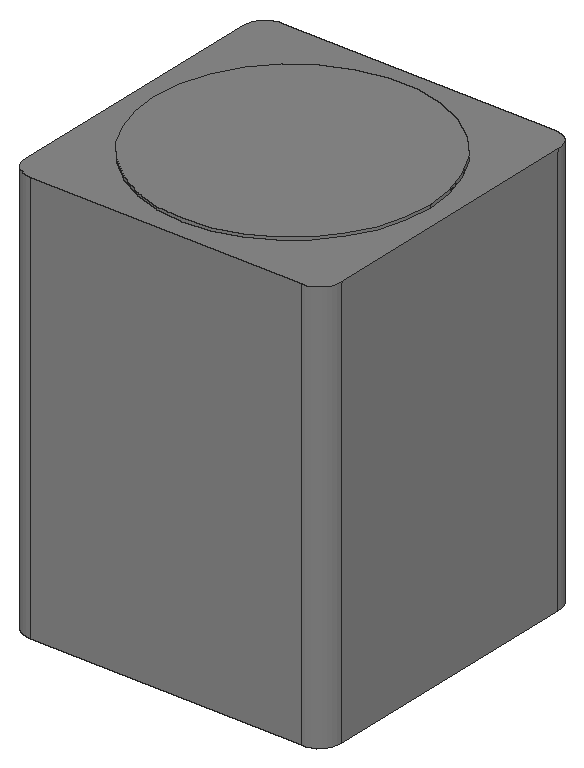
Revit family
Parameters (values of type "720 x 720 x 950mm")
  반지름 = if(깊이 < 폭, 0.438 * 깊이, 0.438 * 폭)  # 315.36 mm
  에어컨 재료 = 금속 - 페인트 마감 - 진회색, 무광
  깊이 = 720.00 mm
  높이 = 950.00 mm
  폭 = 720.00 mm
Types (3, lengths in mm): name | 반지름 | 깊이 | 높이 | 폭
  (no name) | 315.36 | 720.00 | 950.00 | 720.00
  720 x 720 x 950mm | 315.36 | 720.00 | 950.00 | 720.00
  620 x 620 x 845mm | 271.56 | 620.00 | 845.00 | 620.00
Reference planes
  plane 1 "중심(앞/뒤)": y = 0
  plane 2: z = 0
  plane 3 "중심(왼쪽/오른쪽)": x = 0
  plane 4: z = 950
  plane 5: y = 360
  plane 6: y = -360
  plane 7: x = -360
  plane 8: x = 360
  plane 9: z = 943.65
Forms (mm)
  Extrusion 1, solid, material "금속 - 페인트 마감 - 진회색, 무광" <- "에어컨 재료"
    sketch origin (0, 0, 0) x (1, 0, 0) y (0, 1, 0)
      loop
        line (-309.2, -360) -> (309.2, -360)
        arc (309.2, -360) -> (345.121, -345.121) -> (360, -309.2) r 50.8
        line (360, -309.2) -> (360, 309.2)
        arc (360, 309.2) -> (345.121, 345.121) -> (309.2, 360) r 50.8
        line (309.2, 360) -> (-309.2, 360)
        arc (-309.2, 360) -> (-345.121, 345.121) -> (-360, 309.2) r 50.8
        line (-360, 309.2) -> (-360, -309.2)
        arc (-360, -309.2) -> (-345.121, -345.121) -> (-309.2, -360) r 50.8
    from 0 to 943.65
  Extrusion 2, solid, material "금속 - 페인트 마감 - 진회색, 무광" <- "에어컨 재료"
    sketch origin (0, 0, 0) x (1, 0, 0) y (0, 1, 0)
      loop
        circle (0, 0) r 315.36
    from 943.65 to 950
Lines and regions (mm)
  symbolic lines
    curve 1: line (-309.2, -360, 0) -> (309.2, -360, 0)
    curve 2: line (-360, 309.2, 0) -> (-360, -309.2, 0)
    curve 3: line (309.2, 360, 0) -> (-309.2, 360, 0)
    curve 4: line (360, -309.2, 0) -> (360, 309.2, 0)
    curve 5: arc (309.2, 360, 0) -> (345.121, 345.121, 0) -> (360, 309.2, 0) r 50.8
    curve 6: arc (360, -309.2, 0) -> (345.121, -345.121, 0) -> (309.2, -360, 0) r 50.8
    curve 7: arc (-360, -309.2, 0) -> (-345.121, -345.121, 0) -> (-309.2, -360, 0) r 50.8
    curve 8: arc (-360, 309.2, 0) -> (-345.121, 345.121, 0) -> (-309.2, 360, 0) r 50.8
    curve 9: arc (315.36, 0, 0) -> (0, 315.36, 0) -> (-315.36, 0, 0) r 315.36
    curve 10: arc (-315.36, 0, 0) -> (0, -315.36, 0) -> (315.36, 0, 0) r 315.36
    curve 11: arc (299.598, 0, 0) -> (0, 299.598, 0) -> (-299.598, 0, 0) r 299.598
    curve 12: arc (-299.598, 0, 0) -> (0, -299.598, 0) -> (299.598, 0, 0) r 299.598
    curve 13: arc (31.75, 0, 0) -> (0, 31.75, 0) -> (-31.75, 0, 0) r 31.75
    curve 14: arc (-31.75, 0, 0) -> (0, -31.75, 0) -> (31.75, 0, 0) r 31.75
    curve 15: arc (50.8, 0, 0) -> (0, 50.8, 0) -> (-50.8, 0, 0) r 50.8
    curve 16: arc (-50.8, 0, 0) -> (0, -50.8, 0) -> (50.8, 0, 0) r 50.8
Dimensions and locks
  "폭": plane 7 to plane 8
  "깊이": plane 5 to plane 6
  "높이": plane 2 to plane 4
  equal spacing: plane 7, plane 3 "중심(왼쪽/오른쪽)", plane 8
  equal spacing: plane 5, plane 1 "중심(앞/뒤)", plane 6
  locked: plane 9 to plane 4 at 6.35
  "반지름": radius of Extrusion 2 sketch curve
  "반지름": radius of curve 9
  aligned and locked: Extrusion 1 to plane 2
  aligned and locked: Extrusion 1 to plane 9
  aligned and locked: Extrusion 2 to Extrusion 1
  aligned and locked: Extrusion 2 to plane 4
Automatic sketch dimensions
  Extrusion 1 sketch curve to plane 7 = 0.00 mm
  Extrusion 1 sketch curve to plane 5 = 0.00 mm
  Extrusion 1 sketch curve to plane 6 = 0.00 mm
  Extrusion 1 sketch curve to plane 8 = 0.00 mm
  Extrusion 1 sketch curve to plane 5 = 50.80 mm
  plane 7 to Extrusion 1 sketch curve = 50.80 mm
  Extrusion 1 sketch curve to Extrusion 1 sketch curve = 50.80 mm
  Extrusion 1 sketch curve to plane 8 = 50.80 mm
  Extrusion 2 sketch curve to plane 1 "중심(앞/뒤)" = 0.00 mm
  Extrusion 2 sketch curve to plane 3 "중심(왼쪽/오른쪽)" = 0.00 mm
  curve 8 to plane 7 = 0.00 mm
  curve 9 to plane 1 "중심(앞/뒤)" = 0.00 mm
  curve 12 to plane 1 "중심(앞/뒤)" = 0.00 mm
  curve 1 to plane 6 = 0.00 mm
  curve 3 to plane 5 = 0.00 mm
  curve 16 to plane 1 "중심(앞/뒤)" = 0.00 mm
  curve 14 to plane 1 "중심(앞/뒤)" = 0.00 mm
  curve 16 to plane 3 "중심(왼쪽/오른쪽)" = 0.00 mm
  curve 9 to plane 3 "중심(왼쪽/오른쪽)" = 0.00 mm
  curve 14 to plane 3 "중심(왼쪽/오른쪽)" = 0.00 mm
  curve 12 to plane 3 "중심(왼쪽/오른쪽)" = 0.00 mm
  curve 6 to plane 8 = 0.00 mm
  curve 9 to curve 12 = 15.762 mm
  plane 7 to curve 1 = 50.80 mm
  plane 7 to curve 3 = 50.80 mm
  curve 16 to curve 11 = 50.80 mm
  curve 15 to curve 14 = 19.05 mm
  curve 1 to plane 8 = 50.80 mm
  curve 3 to plane 8 = 50.80 mm
